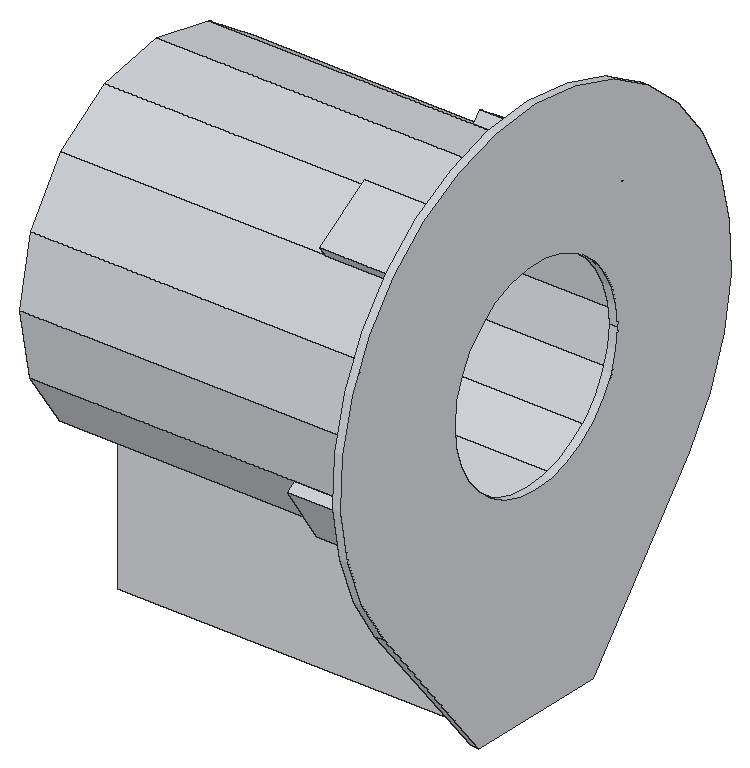
Revit family "GAS50-Version1", category Pipe Accessories, Revit 2016
Family settings
  Part Type = Breaks Into
  Round Connector Dimension = Use Diameter
  Work Plane-Based = No
  Always vertical = No
  Cut with Voids When Loaded = No
  Shared = No
Parameters
  URL = "http://www.snapcollars.com"
  Model = "GAS 50"
  Manufacturer = "Snap Fire Systems"
  Description = "The Snap Gas-50 is a metal, externally mounted collar, and is designed for both wall and floor applications."
Reference planes
  plane 1 "Center (Front/Back)": y = 0
  plane 2: z = 0
  plane 3 "Center (Left/Right)": x = -139.129
  plane 4: x = -230
  plane 5: x = -188.636
  plane 6: x = -190
Forms (mm)
  Extrusion 1, solid, material "PVC-White", not visible, detail levels fine
    sketch origin (0, 0, 0) x (1, 0, 0) y (0, 0, 1)
      loop
        line (-80, 60.418) -> (-227.967, 86.048) -> (-227.967, 69.12) -> (-80, 60.418)
    from -1.5 to 1.5
  Extrusion 2, solid, material "PVC-White", not visible, detail levels fine
    sketch origin (0, 0, 0) x (1, 0, 0) y (0, -0.5, 0.866025)
      loop
        line (-80, 60.418) -> (-227.967, 86.048) -> (-227.967, 69.12) -> (-80, 60.418)
    from -1.5 to 1.5
  Extrusion 3, solid, material "PVC-White", not visible, detail levels fine
    sketch origin (0, 0, 0) x (1, 0, 0) y (0, -0.866025, 0.5)
      loop
        line (-80, 60.418) -> (-227.967, 86.048) -> (-227.967, 69.12) -> (-80, 60.418)
    from -1.5 to 1.5
  Extrusion 4, solid, material "PVC-White", not visible, detail levels fine
    sketch origin (0, 0, 0) x (0, -1, 0) y (-1, 0, 0)
      loop
        line (60.418, 80) -> (86.048, 227.967) -> (69.12, 227.967) -> (60.418, 80)
    from -1.5 to 1.5
  Extrusion 5, solid, material "PVC-White", not visible, detail levels fine
    sketch origin (0, 0, 0) x (1, 0, 0) y (0, -0.866025, -0.5)
      loop
        line (-80, 60.418) -> (-227.967, 86.048) -> (-227.967, 69.12) -> (-80, 60.418)
    from -1.5 to 1.5
  Extrusion 6, solid, material "PVC-White", not visible, detail levels fine
    sketch origin (0, 0, 0) x (1, 0, 0) y (0, -0.5, -0.866025)
      loop
        line (-80, 60.418) -> (-227.967, 86.048) -> (-227.967, 69.12) -> (-80, 60.418)
    from -1.5 to 1.5
  Extrusion 7, solid, material "PVC-White", not visible, detail levels fine
    sketch origin (0, 0, 0) x (1, 0, 0) y (0, 0, -1)
      loop
        line (-80, 60.418) -> (-227.967, 86.048) -> (-227.967, 69.12) -> (-80, 60.418)
    from -1.5 to 1.5
  Extrusion 8, solid, material "PVC-White", not visible, detail levels fine
    sketch origin (0, 0, 0) x (1, 0, 0) y (0, 0.5, -0.866025)
      loop
        line (-80, 60.418) -> (-227.967, 86.048) -> (-227.967, 69.12) -> (-80, 60.418)
    from -1.5 to 1.5
  Extrusion 9, solid, material "PVC-White", not visible, detail levels fine
    sketch origin (0, 0, 0) x (1, 0, 0) y (0, 0.866025, -0.5)
      loop
        line (-80, 60.418) -> (-227.967, 86.048) -> (-227.967, 69.12) -> (-80, 60.418)
    from -1.5 to 1.5
  Extrusion 10, solid, material "PVC-White", not visible, detail levels fine
    sketch origin (0, 0, 0) x (1, 0, 0) y (0, 1, 0)
      loop
        line (-80, 60.418) -> (-227.967, 86.048) -> (-227.967, 69.12) -> (-80, 60.418)
    from -1.5 to 1.5
  Extrusion 11, solid, material "PVC-White", not visible, detail levels fine
    sketch origin (0, 0, 0) x (1, 0, 0) y (0, 0.866025, 0.5)
      loop
        line (-80, 60.418) -> (-227.967, 86.048) -> (-227.967, 69.12) -> (-80, 60.418)
    from -1.5 to 1.5
  Extrusion 12, solid, material "PVC-White", not visible, detail levels fine
    sketch origin (0, 0, 0) x (1, 0, 0) y (0, 0.5, 0.866025)
      loop
        line (-80, 60.418) -> (-227.967, 86.048) -> (-227.967, 69.12) -> (-80, 60.418)
    from -1.5 to 1.5
  Extrusion 13, solid
    sketch origin (-230, 2000, 1200) x (0, 1, 0) y (0, 0, 1)
      loop
        line (-2041.962, -1199.762) -> (-2038.865, -1215.776) -> (-2029.875, -1229.386) -> (-2012, -1241.467) -> (-2012, -1274) -> (-1988, -1274) -> (-1988, -1239.392) -> (-1984.367, -1238.689) -> (-1970.757, -1229.7) -> (-1961.624, -1216.186) -> (-1958.357, -1200.206) -> (-1961.454, -1184.191) -> (-1970.444, -1170.582) -> (-1983.958, -1161.448) -> (-1999.938, -1158.181) -> (-2015.952, -1161.278) -> (-2029.562, -1170.268) -> (-2038.695, -1183.782) -> (-2041.962, -1199.762)
      loop
        line (-2030.237, -1199.824) -> (-2028.009, -1211.347) -> (-2021.54, -1221.139) -> (-2011.817, -1227.711) -> (-2000.319, -1230.061) -> (-1988.797, -1227.833) -> (-1979.004, -1221.365) -> (-1972.433, -1211.641) -> (-1970.082, -1200.143) -> (-1972.31, -1188.621) -> (-1978.779, -1178.829) -> (-1988.502, -1172.257) -> (-2000, -1169.906) -> (-2011.522, -1172.135) -> (-2021.315, -1178.603) -> (-2027.886, -1188.326) -> (-2030.237, -1199.824)
    from 0 to 91
  Extrusion 14, solid
    sketch origin (-230, 29.556, 29.418) x (0, -0.828512, 0.559971) y (1, 0, 0)
      loop
        line (16.311, 91) -> (0, 91) -> (0, 65) -> (16.311, 65) -> (16.311, 91)
    from 0 to 3
  Extrusion 15, solid, not visible
    sketch origin (-230, 23.225, 34.758) x (0, -0.92388, 0.382683) y (1, 0, 0)
      loop
        line (16.311, 91) -> (0, 91) -> (0, 65) -> (16.311, 65) -> (16.311, 91)
    from 0 to 3
  Extrusion 16, solid, not visible
    sketch origin (-230, 24.373, 37.53) x (0, -0.92388, 0.382683) y (1, 0, 0)
      loop
        line (16.311, 91) -> (0, 91) -> (0, 88) -> (16.311, 88) -> (16.311, 91)
    from 0 to 21
  Extrusion 17, solid
    sketch origin (-230, -15.852, 38.571) x (0, -0.83464, -0.550797) y (1, 0, 0)
      loop
        line (16.311, 91) -> (0, 91) -> (0, 65) -> (16.311, 65) -> (16.311, 91)
    from 0 to 3
  Extrusion 18, solid
    sketch origin (-230, 29.261, -29.712) x (0, 0.564361, 0.825528) y (1, 0, 0)
      loop
        line (16.311, 91) -> (0, 91) -> (0, 65) -> (16.311, 65) -> (16.311, 91)
    from 0 to 3
  Extrusion 19, solid
    sketch origin (-230, -38.657, -15.64) x (0, 0.54621, -0.837649) y (1, 0, 0)
      loop
        line (16.311, 91) -> (0, 91) -> (0, 65) -> (16.311, 65) -> (16.311, 91)
    from 0 to 3
  Extrusion 20, solid, not visible
    sketch origin (-230, 29.556, 29.418) x (0, -0.828512, 0.559971) y (1, 0, 0)
      loop
        line (16.311, 91) -> (0, 91) -> (0, 65) -> (16.311, 65) -> (16.311, 91)
    from 0 to 3
  Extrusion 21, solid, not visible
    sketch origin (-230, -15.852, 38.571) x (0, -0.83464, -0.550797) y (1, 0, 0)
      loop
        line (16.311, 91) -> (0, 91) -> (0, 65) -> (16.311, 65) -> (16.311, 91)
    from 0 to 3
  Extrusion 22, solid, not visible
    sketch origin (-230, 29.261, -29.712) x (0, 0.564361, 0.825528) y (1, 0, 0)
      loop
        line (16.311, 91) -> (0, 91) -> (0, 65) -> (16.311, 65) -> (16.311, 91)
    from 0 to 3
  Extrusion 23, solid, not visible
    sketch origin (-230, -38.657, -15.64) x (0, 0.54621, -0.837649) y (1, 0, 0)
      loop
        line (16.311, 91) -> (0, 91) -> (0, 65) -> (16.311, 65) -> (16.311, 91)
    from 0 to 3
  Extrusion 24, solid
    sketch origin (-139, 2000, 1200) x (0, 1, 0) y (0, 0, 1)
      loop
        circle (-2000, -1200) r 25
      loop
        line (-2000, -1274) -> (-1982.5, -1274) -> (-1953.223, -1237.266)
        arc (-1953.223, -1237.266) -> (-2000, -1140.169) -> (-2046.777, -1237.266) r 59.816
        line (-2046.777, -1237.266) -> (-2017.5, -1274) -> (-2000, -1274)
    from 0 to 2
Dimensions and locks
  locked: plane 4 to plane 3 "Center (Left/Right)" at 90.871
  Extrusion 1 sketch curve to Extrusion 1 sketch curve = 0 mm
  Extrusion 2 sketch curve to Extrusion 2 sketch curve = 0 mm
  Extrusion 3 sketch curve to Extrusion 3 sketch curve = 0 mm
  Extrusion 4 sketch curve to Extrusion 4 sketch curve = 0 mm
  Extrusion 5 sketch curve to Extrusion 5 sketch curve = 0 mm
  Extrusion 6 sketch curve to Extrusion 6 sketch curve = 0 mm
  Extrusion 7 sketch curve to Extrusion 7 sketch curve = 0 mm
  Extrusion 8 sketch curve to Extrusion 8 sketch curve = 0 mm
  Extrusion 9 sketch curve to Extrusion 9 sketch curve = 0 mm
  Extrusion 10 sketch curve to Extrusion 10 sketch curve = 0 mm
  Extrusion 11 sketch curve to Extrusion 11 sketch curve = 0 mm
  Extrusion 12 sketch curve to Extrusion 12 sketch curve = 0 mm
  aligned and locked: level to plane 2
Connectors
  piping at (-190, 0, 0), diameter 50
    settings: on plane 6, index 4, connector inside diameter 609.6 mm, connector length 0 mm, flow factor 0, pipe flow 0.0 L/s, pressure drop 0.0 Pa, fitting loss kfactor 0, connector angle 0.00°, fixture units 0, engagement length 0 mm, angle of deflection 0.00°, flow configuration 0, flow direction 0, fitting loss method 0, system type 7, joint type 0, gender type 0, connector reference index -1, connector utility 0, adjustable connector no, is connector primary yes, connector description ""
  piping at (-188.636, 0, 0), diameter 50
    settings: on plane 5, index 5, connector inside diameter 609.6 mm, connector length 0 mm, flow factor 0, pipe flow 0.0 L/s, pressure drop 0.0 Pa, fitting loss kfactor 0, connector angle 0.00°, fixture units 0, engagement length 0 mm, angle of deflection 0.00°, flow configuration 0, flow direction 0, fitting loss method 0, system type 7, joint type 0, gender type 0, connector reference index -1, connector utility 0, adjustable connector no, is connector primary no, connector description ""
